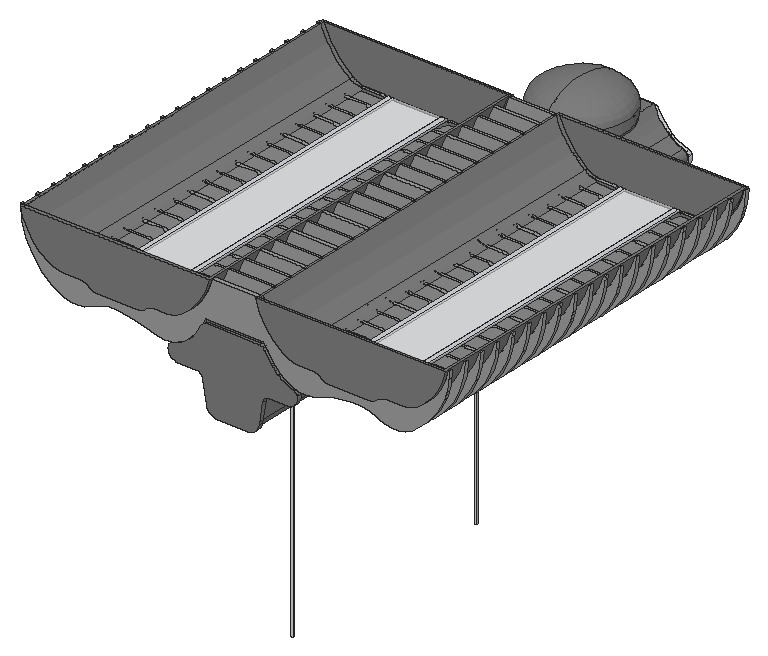
Revit family "0039278 Feilo Sylvania Lighting Fixtures SYLBAY LED 4000K 18-5KLM AISLE 1-10V PIR", category Lighting Fixtures, host Face, Revit 2017 (continued)
Definition of nested family "SylbayBody"
  Definition of nested family "SlybayRib"
    Forms (mm)
      Extrusion 2, solid, material <- "BodyMaterial"
        sketch origin (0, 0, 0) x (1, 0, 0) y (0, 0, 1)
          loop
            line (117.917, -43.728) -> (84.583, -43.728)
            arc (84.583, -43.728) -> (81.421, -43.215) -> (78.583, -41.728) r 10
            line (78.583, -41.728) -> (75.917, -39.728)
            arc (75.917, -39.728) -> (73.079, -38.242) -> (69.917, -37.728) r 10
            line (69.917, -37.728) -> (58.25, -37.728)
            arc (58.25, -37.728) -> (51.55, -36.705) -> (45.461, -33.728) r 22.443
            arc (45.461, -33.728) -> (30.027, -18.905) -> (20, 0) r 67.602
            line (20, 0) -> (-20, 0)
            arc (-20, 0) -> (-30.027, -18.905) -> (-45.461, -33.728) r 67.602
            arc (-45.461, -33.728) -> (-51.55, -36.705) -> (-58.25, -37.728) r 22.443
            line (-58.25, -37.728) -> (-69.917, -37.728)
            arc (-69.917, -37.728) -> (-73.079, -38.242) -> (-75.917, -39.728) r 10
            line (-75.917, -39.728) -> (-78.583, -41.728)
            arc (-78.583, -41.728) -> (-81.421, -43.215) -> (-84.583, -43.728) r 10
            line (-84.583, -43.728) -> (-117.917, -43.728)
            arc (-117.917, -43.728) -> (-121.079, -43.215) -> (-123.917, -41.728) r 10
            line (-123.917, -41.728) -> (-126.583, -39.728)
            arc (-126.583, -39.728) -> (-129.421, -38.242) -> (-132.583, -37.728) r 10
            line (-132.583, -37.728) -> (-145.75, -37.728)
            arc (-145.75, -37.728) -> (-153.193, -36.71) -> (-160.088, -33.728) r 27.697
            arc (-160.088, -33.728) -> (-176.046, -19.314) -> (-185.5, 0) r 56.788
            line (-185.5, 0) -> (-187.5, 0)
        from 1.25 <- "RibExtrusionStart_FEILO" to -1.25 <- "RibExtrusionEnd_FEILO"
    Dimensions and locks
      equal spacing: plane 5, plane 3 "Center (Left/Right)", plane 4
      locked: plane 5 to plane 4 at 375
      locked: plane 6 to plane 7 at 62.478
      locked: plane 6 to plane 8 at 53.728
      equal spacing: plane 10, plane 3 "Center (Left/Right)", plane 9
      plane 3 "Center (Left/Right)" to plane 9 = 102.75 mm
      locked: plane 6 to plane 11 at 33.728
      equal spacing: plane 13, plane 9, plane 12
      locked: plane 14 to plane 8 at 10
      equal spacing: plane 16, plane 9, plane 15
      locked: plane 9 to plane 15 at 20
      locked: plane 17 to plane 14 at 6
      equal spacing: plane 19, plane 9, plane 18
      locked: plane 15 to plane 18 at 8
      equal spacing: plane 21, plane 9, plane 20
      locked: plane 18 to plane 20 at 15
      locked: plane 13 to plane 22 at 5.3
      locked: plane 3 "Center (Left/Right)" to Extrusion 2 sketch curve at 83.982  (x2)
      locked: plane 3 "Center (Left/Right)" to Extrusion 2 sketch curve at 79.005  (x2)
      locked: plane 3 "Center (Left/Right)" to Extrusion 2 sketch curve at 119.907  (x2)
      locked: plane 3 "Center (Left/Right)" to Extrusion 2 sketch curve at 61.405  (x2)
      locked: plane 3 "Center (Left/Right)" to Extrusion 2 sketch curve at 138.973  (x2)
      locked: plane 3 "Center (Left/Right)" to Extrusion 2 sketch curve at 84.583  (x2)
      locked: plane 3 "Center (Left/Right)" to Extrusion 2 sketch curve at 117.917  (x2)
      locked: plane 3 "Center (Left/Right)" to Extrusion 2 sketch curve at 132.583  (x2)
      locked: plane 3 "Center (Left/Right)" to Extrusion 2 sketch curve at 69.917  (x2)
      locked: Extrusion 2 sketch curve to plane 6 at 21.825  (x2)
      locked: Extrusion 2 sketch curve to plane 6 at 0.822  (x2)
      locked: plane 6 to Extrusion 2 sketch curve at 10.994  (x2)
      locked: plane 6 to Extrusion 2 sketch curve at 15.285  (x2)
      locked: plane 6 to Extrusion 2 sketch curve at 31.076  (x2)
      locked: plane 6 to Extrusion 2 sketch curve at 33.728  (x4)
      locked: plane 6 to Extrusion 2 sketch curve at 29.917  (x2)
      locked: plane 6 to Extrusion 2 sketch curve at 47.728  (x4)
      locked: plane 6 to Extrusion 2 sketch curve at 100.413  (x2)
      locked: plane 6 to Extrusion 2 sketch curve at 141.419  (x2)
      locked: plane 3 "Center (Left/Right)" to Extrusion 2 sketch curve at 106.788  (x2)
      locked: plane 3 "Center (Left/Right)" to Extrusion 2 sketch curve at 104.198  (x2)
      locked: plane 3 "Center (Left/Right)" to Extrusion 2 sketch curve at 130.69  (x2)
      locked: Extrusion 2 sketch curve to plane 6 at 14.858  (x2)
      locked: plane 6 to Extrusion 2 sketch curve at 10.032  (x2)
      locked: plane 3 "Center (Left/Right)" to Extrusion 2 sketch curve at 145.75  (x2)
      aligned and locked: plane 2 to Extrusion 1
      aligned and locked: level to Extrusion 1
      aligned and locked: plane 6 to Extrusion 2 sketch curve
      aligned and locked: plane 4 to Extrusion 2 sketch curve
      aligned and locked: plane 17 to Extrusion 2 sketch curve
      aligned and locked: plane 14 to Extrusion 2 sketch curve
      aligned and locked: Extrusion 2 sketch curve to plane 17
      aligned and locked: plane 8 to Extrusion 2 sketch curve  (x3)
      aligned and locked: plane 2 to plane 6
      aligned and locked: plane 20 to Extrusion 2 sketch curve
      aligned and locked: plane 11 to Extrusion 2 sketch curve  (x2)
      aligned and locked: plane 12 to Extrusion 2 sketch curve
      aligned and locked: Extrusion 2 sketch curve to plane 6
      aligned and locked: Extrusion 2 sketch curve to level
      aligned and locked: Extrusion 2 sketch curve to plane 11
    Automatic sketch dimensions
      Extrusion 1 sketch curve to Extrusion 1 sketch curve = 2438.4 mm  (x2)
      Extrusion 2 sketch curve to plane 11 = 0 mm  (x6)
      Extrusion 2 sketch curve to plane 8 = 0 mm  (x7)
      Extrusion 2 sketch curve to plane 17 = 0 mm
      Extrusion 2 sketch curve to plane 5 = 0 mm
      Extrusion 2 sketch curve to plane 14 = 0 mm
      Extrusion 2 sketch curve to plane 17 = 2 mm  (x3)
      Extrusion 2 sketch curve to plane 15 = 1.167 mm
      plane 14 to Extrusion 2 sketch curve = 2 mm  (x3)
      Extrusion 2 sketch curve to plane 19 = 1.167 mm
Definition of nested family "SlybayRib"
  Parameters (values of type "SylbayRib")
    URL = "http://www.feilosylvania.com"
    Type Image = (empty or 0)
    Type Comments = "n/a"
    RibThickness_FEILO = 2.5 mm
    RibExtrusionStart_FEILO = RibThickness_FEILO / 2  # 1.25 mm
    RibExtrusionEnd_FEILO = -RibThickness_FEILO / 2  # -1.25 mm
    RibDistance_FEILO = 0 mm
    Model = ""
    Manufacturer = "Feilo Sylvania"
    Keynote = ""
    Description = "n/a"
    Default Elevation = 1219.2 mm
    Cost = 0
    BodyMaterial = none
    Assembly Code = ""
  Reference planes
    plane 1 "Center (Front/Back)": y = 0
    plane 2: z = 0
    plane 3 "Center (Left/Right)": x = 0
    plane 4: x = -187.5
    plane 5: x = 187.5
    plane 6: z = 0
    plane 7: z = -62.478
    plane 8: z = -53.728
    plane 9: x = -102.75
    plane 10: x = 102.75
    plane 11: z = -33.728
    plane 12: x = -185.5
    plane 13: x = -20
    plane 14: z = -43.728
    plane 15: x = -122.75
    plane 16: x = -82.75
    plane 17: z = -37.728
    plane 18: x = -130.75
    plane 19: x = -74.75
    plane 20: x = -145.75
    plane 21: x = -59.75
    plane 22: x = -25.3
  Forms (mm)
    Extrusion 1, solid
      sketch origin (4.2, 0, 0) x (1, 0, 0) y (0, 1, 0)
        loop
          line (-1219.2, 1219.2) -> (-1219.2, -1219.2) -> (1219.2, -1219.2) -> (1219.2, 1219.2) -> (-1219.2, 1219.2)
      from 0 to -304.8
    Extrusion 2, solid, material <- "BodyMaterial"
      sketch origin (0, 0, 0) x (1, 0, 0) y (0, 0, 1)
        loop
          arc (-187.5, 0) -> (-180.003, -30.129) -> (-159.829, -53.728) r 67.598
          arc (-159.829, -53.728) -> (-143.258, -61.567) -> (-125.169, -58.599) r 30.791
          arc (-125.169, -58.599) -> (-113.533, -54.576) -> (-101.25, -53.728) r 46.777
          arc (-101.25, -53.728) -> (-87.202, -55.765) -> (-73.664, -60.037) r 87.865
          arc (-73.664, -60.037) -> (-55.541, -61.903) -> (-39.258, -53.728) r 32.519
          arc (-39.258, -53.728) -> (-31.199, -44.469) -> (-25.254, -33.728) r 58.361
          line (-25.254, -33.728) -> (25.254, -33.728)
          arc (25.254, -33.728) -> (31.199, -44.469) -> (39.258, -53.728) r 58.361
          arc (39.258, -53.728) -> (55.541, -61.903) -> (73.664, -60.037) r 32.519
          arc (73.664, -60.037) -> (87.202, -55.765) -> (101.25, -53.728) r 87.865
          arc (101.25, -53.728) -> (113.533, -54.576) -> (125.169, -58.599) r 46.777
          arc (125.169, -58.599) -> (143.258, -61.567) -> (159.829, -53.728) r 30.791
          arc (159.829, -53.728) -> (180.003, -30.129) -> (187.5, 0) r 67.598
          line (187.5, 0) -> (185.5, 0)
          arc (185.5, 0) -> (176.046, -19.314) -> (160.088, -33.728) r 56.788
          arc (160.088, -33.728) -> (153.193, -36.71) -> (145.75, -37.728) r 27.697
          line (145.75, -37.728) -> (132.583, -37.728)
          arc (132.583, -37.728) -> (129.421, -38.242) -> (126.583, -39.728) r 10
          line (126.583, -39.728) -> (123.917, -41.728)
          arc (123.917, -41.728) -> (121.079, -43.215) -> (117.917, -43.728) r 10
          line (117.917, -43.728) -> (84.583, -43.728)
          arc (84.583, -43.728) -> (81.421, -43.215) -> (78.583, -41.728) r 10
          line (78.583, -41.728) -> (75.917, -39.728)
          arc (75.917, -39.728) -> (73.079, -38.242) -> (69.917, -37.728) r 10
          line (69.917, -37.728) -> (58.25, -37.728)
          arc (58.25, -37.728) -> (51.55, -36.705) -> (45.461, -33.728) r 22.443
          arc (45.461, -33.728) -> (30.027, -18.905) -> (20, 0) r 67.602
          line (20, 0) -> (-20, 0)
          arc (-20, 0) -> (-30.027, -18.905) -> (-45.461, -33.728) r 67.602
          arc (-45.461, -33.728) -> (-51.55, -36.705) -> (-58.25, -37.728) r 22.443
          line (-58.25, -37.728) -> (-69.917, -37.728)
          arc (-69.917, -37.728) -> (-73.079, -38.242) -> (-75.917, -39.728) r 10
          line (-75.917, -39.728) -> (-78.583, -41.728)
          arc (-78.583, -41.728) -> (-81.421, -43.215) -> (-84.583, -43.728) r 10
          line (-84.583, -43.728) -> (-117.917, -43.728)
          arc (-117.917, -43.728) -> (-121.079, -43.215) -> (-123.917, -41.728) r 10
          line (-123.917, -41.728) -> (-126.583, -39.728)
          arc (-126.583, -39.728) -> (-129.421, -38.242) -> (-132.583, -37.728) r 10
          line (-132.583, -37.728) -> (-145.75, -37.728)
          arc (-145.75, -37.728) -> (-153.193, -36.71) -> (-160.088, -33.728) r 27.697
          arc (-160.088, -33.728) -> (-176.046, -19.314) -> (-185.5, 0) r 56.788
          line (-185.5, 0) -> (-187.5, 0)
      from 1.25 <- "RibExtrusionStart_FEILO" to -1.25 <- "RibExtrusionEnd_FEILO"
  Dimensions and locks
    equal spacing: plane 5, plane 3 "Center (Left/Right)", plane 4
    locked: plane 5 to plane 4 at 375
    locked: plane 6 to plane 7 at 62.478
    locked: plane 6 to plane 8 at 53.728
    equal spacing: plane 10, plane 3 "Center (Left/Right)", plane 9
    plane 3 "Center (Left/Right)" to plane 9 = 102.75 mm
    locked: plane 6 to plane 11 at 33.728
    equal spacing: plane 13, plane 9, plane 12
    locked: plane 14 to plane 8 at 10
    equal spacing: plane 16, plane 9, plane 15
    locked: plane 9 to plane 15 at 20
    locked: plane 17 to plane 14 at 6
    equal spacing: plane 19, plane 9, plane 18
    locked: plane 15 to plane 18 at 8
    equal spacing: plane 21, plane 9, plane 20
    locked: plane 18 to plane 20 at 15
    locked: plane 13 to plane 22 at 5.3
    locked: plane 3 "Center (Left/Right)" to Extrusion 2 sketch curve at 83.982  (x2)
    locked: plane 3 "Center (Left/Right)" to Extrusion 2 sketch curve at 79.005  (x2)
    locked: plane 3 "Center (Left/Right)" to Extrusion 2 sketch curve at 119.907  (x2)
    locked: plane 3 "Center (Left/Right)" to Extrusion 2 sketch curve at 61.405  (x2)
    locked: plane 3 "Center (Left/Right)" to Extrusion 2 sketch curve at 138.973  (x2)
    locked: plane 3 "Center (Left/Right)" to Extrusion 2 sketch curve at 84.583  (x2)
    locked: plane 3 "Center (Left/Right)" to Extrusion 2 sketch curve at 117.917  (x2)
    locked: plane 3 "Center (Left/Right)" to Extrusion 2 sketch curve at 132.583  (x2)
    locked: plane 3 "Center (Left/Right)" to Extrusion 2 sketch curve at 69.917  (x2)
    locked: Extrusion 2 sketch curve to plane 6 at 21.825  (x2)
    locked: Extrusion 2 sketch curve to plane 6 at 0.822  (x2)
    locked: plane 6 to Extrusion 2 sketch curve at 10.994  (x2)
    locked: plane 6 to Extrusion 2 sketch curve at 15.285  (x2)
    locked: plane 6 to Extrusion 2 sketch curve at 31.076  (x2)
    locked: plane 6 to Extrusion 2 sketch curve at 33.728  (x4)
    locked: plane 6 to Extrusion 2 sketch curve at 29.917  (x2)
    locked: plane 6 to Extrusion 2 sketch curve at 47.728  (x4)
    locked: plane 6 to Extrusion 2 sketch curve at 100.413  (x2)
    locked: plane 6 to Extrusion 2 sketch curve at 141.419  (x2)
    locked: plane 3 "Center (Left/Right)" to Extrusion 2 sketch curve at 106.788  (x2)
    locked: plane 3 "Center (Left/Right)" to Extrusion 2 sketch curve at 104.198  (x2)
    locked: plane 3 "Center (Left/Right)" to Extrusion 2 sketch curve at 130.69  (x2)
    locked: Extrusion 2 sketch curve to plane 6 at 14.858  (x2)
    locked: plane 6 to Extrusion 2 sketch curve at 10.032  (x2)
    locked: plane 3 "Center (Left/Right)" to Extrusion 2 sketch curve at 145.75  (x2)
    aligned and locked: plane 2 to Extrusion 1
    aligned and locked: level to Extrusion 1
    aligned and locked: plane 6 to Extrusion 2 sketch curve
    aligned and locked: plane 4 to Extrusion 2 sketch curve
    aligned and locked: plane 17 to Extrusion 2 sketch curve
    aligned and locked: plane 14 to Extrusion 2 sketch curve
    aligned and locked: Extrusion 2 sketch curve to plane 17
    aligned and locked: plane 8 to Extrusion 2 sketch curve  (x3)
    aligned and locked: plane 2 to plane 6
    aligned and locked: plane 20 to Extrusion 2 sketch curve
    aligned and locked: plane 11 to Extrusion 2 sketch curve  (x2)
    aligned and locked: plane 12 to Extrusion 2 sketch curve
    aligned and locked: Extrusion 2 sketch curve to plane 6
    aligned and locked: Extrusion 2 sketch curve to level
    aligned and locked: Extrusion 2 sketch curve to plane 11
  Automatic sketch dimensions
    Extrusion 1 sketch curve to Extrusion 1 sketch curve = 2438.4 mm  (x2)
    Extrusion 2 sketch curve to plane 11 = 0 mm  (x6)
    Extrusion 2 sketch curve to plane 8 = 0 mm  (x7)
    Extrusion 2 sketch curve to plane 17 = 0 mm
    Extrusion 2 sketch curve to plane 5 = 0 mm
    Extrusion 2 sketch curve to plane 14 = 0 mm
    Extrusion 2 sketch curve to plane 17 = 2 mm  (x3)
    Extrusion 2 sketch curve to plane 15 = 1.167 mm
    plane 14 to Extrusion 2 sketch curve = 2 mm  (x3)
    Extrusion 2 sketch curve to plane 19 = 1.167 mm
